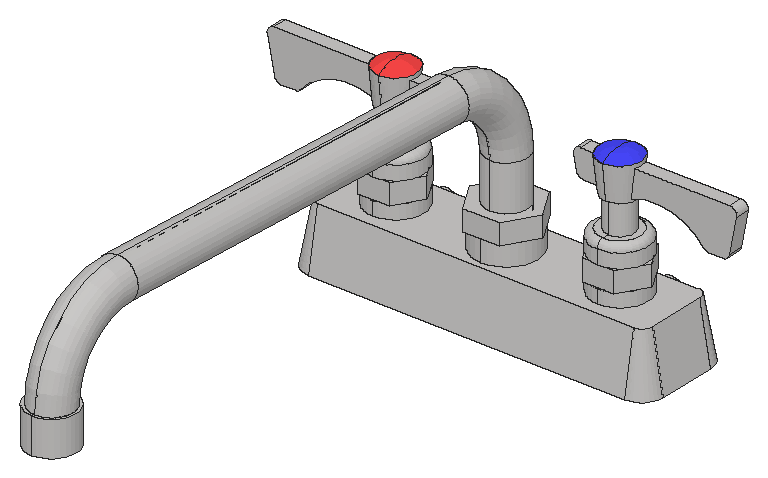
Revit family "Krowne_15-310L_DeckMount_Faucet", category Plumbing Fixtures, Revit 2018
Family settings
  Round Connector Dimension = Use Diameter
  Part Type = Normal
  OmniClass Number = 23.40.40.00
  OmniClass Title = Food Service Equipment and Furnishings
  Work Plane-Based = No
  Always vertical = Yes
  Cut with Voids When Loaded = No
  Shared = No
  Room Calculation Point = No
Parameters (values of type "DefaultType")
  Width = 8 3/8"
  Weight in Pounds = 5
  Watermarked By = ""
  Waste Water Discharge Temperature [instance] = -459.67 °F
  URL Cutsheet = ""
  URL = "https://krowne.com/"
  Status [instance] = ""
  Specification by User [instance] = ""
  Specification by Manufacturer [instance] = ""
  Serial Number [instance] = ""
  Revision Code [instance] = ""
  Plumbing Remarks [instance] = ""
  Plumbing Connection Type = ""
  NAFEM Spec ID Number [instance] = ""
  Model = "15-310L"
  Masterspec [instance] = ""
  Manufacturer = "Krowne Metal"
  KCLRef = "KCL2C9,,0004c582-0000-0000-0000-000000000307,KR,15-310L ,637100823320000000,2868b019-d5fe-446f-be4d-a177d9768bbf,b2815e67-8957-45ca-828b-aa86735d4ccf"
  KCL SpecSheet URL = "http://kclweb.kclcad.com/imagehandler.ashx?kdoc=15-3xxl&R=KR&M=15-310L%20&VC=7&TID=KCLWeb&T=doc"
  Item Number [instance] = "-"
  Installed By [instance] = ""
  Hot Water Temperature = 100 °F
  Hot Water Size = 1/2"
  Hot Water RI Height [instance] = 0"
  Hot Water Minimum Pressure = 0.00 psi
  Hot Water Maximum Pressure = 0.00 psi
  Hot Water Flow = 1.8 GPM
  Hot Water Consumption = 0 GPM
  Hot Water Connection Height = 0"
  Height = 3 3/8"
  Furnished By [instance] = ""
  Foodservice Equipment Identifier = yes
  Description = "Deck Mount Faucet"
  Depth = 1 7/8"
  Cold Water Temperature Recommended = -459.67 °F
  Cold Water Size = 1/2"
  Cold Water RI Height [instance] = 0"
  Cold Water Minimum Pressure = 0.00 psi
  Cold Water Maximum Pressure = 0.00 psi
  Cold Water Flow = 1.8 GPM
  Cold Water Consumption = ""
  Cold Water Connection Height = 0"
  CSI MasterFormat = ""
  Assembly Code = "E1090300"
Reference planes (in)
  plane 1 "BACK": y = 0
  plane 2: z = 0
  plane 3 "LEFT": x = -16.75323
  plane 4 "RIGHT": x = -8.37823
  plane 5 "FRONT": y = -1.875
  plane 6 "TOP": z = 3.375
  plane 7 "CENTER L/R": x = -12.56573
  plane 8 "Top of Body": z = 1.0625
  plane 9: y = -0.9375
  plane 10: z = 2.375
  plane 11: y = -11.0625
  plane 12: z = 4.75
Forms (in)
  Sweep 1, solid, material "QF_Stainless-Polished"
    path origin (-12.56573, 0, 0) x (0, 1, 0) y (0, 0, 1)
      loop
        line (-0.9375, 1.0625) -> (-0.9375, 2.61845)
        arc (-0.9375, 2.61845) -> (-1.31585, 3.56571) -> (-2.24267, 3.99167) r 1.375
        line (-2.24267, 3.99167) -> (-9.61767, 4.36667)
        arc (-9.61767, 4.36667) -> (-10.63476, 3.9901) -> (-11.0625, 2.99345) r 1.375
        line (-11.0625, 2.99345) -> (-11.0625, 2.375)
    profile origin (-12.56573, -0.9375, 1.84047) x (0, -1, 0) y (1, 0, 0)
      loop
        circle (0, 0) r 0.375
      loop
        circle (0, 0) r 0.25
  Extrusion 2, solid, material "QF_Stainless-Polished"
    sketch origin (0, 0, 1.0625) x (0, 1, 0) y (-1, 0, 0)
      loop
        circle (-0.9375, 12.56573) r 0.375
      loop
        circle (-0.9375, 12.56573) r 0.4375
    from 0 to 0.625
  Extrusion 3, solid, material "QF_Stainless-Polished"
    sketch origin (0, 0, 1.0625) x (0, 1, 0) y (-1, 0, 0)
      loop
        circle (-0.9375, 12.56573) r 0.5625
      loop
        circle (-0.9375, 12.56573) r 0.375
    from 0 to 0.375
  Extrusion 4, solid, material "QF_Stainless-Polished"
    sketch origin (0, 0, 1.4375) x (0, 1, 0) y (-1, 0, 0)
      loop
        line (-0.9375, 11.91391) -> (-0.37301, 12.23982) -> (-0.37301, 12.89163) -> (-0.9375, 13.21754) -> (-1.50199, 12.89163) -> (-1.50199, 12.23982) -> (-0.9375, 11.91391)
      loop
        circle (-0.9375, 12.56573) r 0.375
    from 0 to 0.375
  Extrusion 5, solid, material "QF_Stainless-Polished"
    sketch origin (-12.56573, -11.0625, 2.375) x (0, -1, 0) y (-1, 0, 0)
      loop
        circle (0, 0) r 0.375
      loop
        circle (0, 0) r 0.4375
    from 0 to -0.625
Lines and regions (in)
  symbolic lines
    curve 1: line (-12.23982, -0.37301, 0) -> (-12.89163, -0.37301, 0)
    curve 2: line (-12.89163, -0.37301, 0) -> (-13.21754, -0.9375, 0)
    curve 3: line (-13.21754, -0.9375, 0) -> (-12.94073, -1.41696, 0)
    curve 4: line (-12.19073, -1.41696, 0) -> (-11.91391, -0.9375, 0)
    curve 5: line (-11.91391, -0.9375, 0) -> (-12.23982, -0.37301, 0)
    curve 6: arc (-12.56573, -1.3125, 0) -> (-12.94073, -0.9375, 0) -> (-12.56573, -0.5625, 0) r 0.375
    curve 7: arc (-12.56573, -0.5625, 0) -> (-12.19073, -0.9375, 0) -> (-12.56573, -1.3125, 0) r 0.375
    curve 8: arc (-12.94073, -11.0625, 0) -> (-12.83089, -11.32767, 0) -> (-12.56573, -11.4375, 0) r 0.375
    curve 9: arc (-12.56573, -11.4375, 0) -> (-12.30056, -11.32767, 0) -> (-12.19073, -11.0625, 0) r 0.375
    curve 10: line (-12.94073, -11.0625, 0) -> (-12.94073, -0.9375, 0)
    curve 11: line (-12.19073, -0.9375, 0) -> (-12.19073, -11.0625, 0)
Dimensions and locks (in)
  "Width": plane 3 "LEFT" to plane 4 "RIGHT"
  "Depth": plane 5 "FRONT" to plane 1 "BACK"
  "Height": plane 6 "TOP" to plane 2
  plane 8 "Top of Body" to level = 1 1/16"
  equal spacing: plane 5 "FRONT", plane 9, plane 1 "BACK"
  equal spacing: plane 3 "LEFT", plane 7 "CENTER L/R", plane 4 "RIGHT"
  plane 10 to plane 8 "Top of Body" = 1 5/16"
  plane 11 to plane 1 "BACK" = 11 1/16"
  plane 12 to plane 8 "Top of Body" = 3 11/16"
  aligned and locked: level to plane 2
  aligned and locked: plane 9 to Sweep 1 sketch curve
  aligned and locked: Sweep 1 sketch curve to plane 11
  aligned and locked: plane 10 to Sweep 1 sketch curve
Automatic sketch dimensions
  Sweep 1 sketch curve to Sweep 1 sketch curve = 0"  (x2)
  Sweep 1 sketch curve to plane 7 "CENTER L/R" = 0"
  Sweep 1 sketch curve to profile plane = 0"
  Extrusion 2 sketch curve to Extrusion 2 sketch curve = 0"  (x2)
  Extrusion 2 sketch curve to plane 7 "CENTER L/R" = 0"
  plane 9 to Extrusion 2 sketch curve = 0"
  Extrusion 4 sketch curve to Extrusion 4 sketch curve = 0"  (x2)
  Extrusion 4 sketch curve to Extrusion 4 sketch curve = 0.56449"  (x2)
  Extrusion 4 sketch curve to Extrusion 4 sketch curve = 0.32591"  (x5)
  Extrusion 4 sketch curve to Extrusion 4 sketch curve = 0.65182"
  curve 8 to curve 9 = 0"
  plane 9 to curve 2 = 0"
  plane 11 to curve 10 = 0"
  plane 9 to curve 10 = 0"
  curve 6 to plane 7 "CENTER L/R" = 0"
  plane 9 to curve 11 = 0"
  plane 9 to curve 4 = 0"
  plane 9 to curve 6 = 0"
  curve 1 to plane 7 "CENTER L/R" = 0.32591"
  curve 10 to curve 8 = 3/8"
  curve 3 to curve 10 = 0.27682"
  plane 7 "CENTER L/R" to curve 5 = 0.32591"
  curve 11 to curve 4 = 0.27682"
  plane 1 "BACK" to curve 1 = 0.37301"
  curve 3 to curve 6 = 0.10446"
  curve 4 to curve 6 = 0.10446"
  Extrusion 3 sketch curve to Extrusion 3 sketch curve = 0"  (x2)
  Extrusion 3 sketch curve to plane 7 "CENTER L/R" = 0"
  plane 9 to Extrusion 3 sketch curve = 0"
  Sweep 1 sketch curve to plane 8 "Top of Body" = 0"
  Sweep 1 sketch curve to plane 6 "TOP" = 0.38155"
  Sweep 1 sketch curve to plane 12 = 0.38333"
  Sweep 1 sketch curve to Sweep 1 sketch curve = 0.06983"
  plane 5 "FRONT" to Sweep 1 sketch curve = 7/16"
  plane 5 "FRONT" to Sweep 1 sketch curve = 0.36767"
  plane 10 to Sweep 1 sketch curve = 0.24345"
  radius of Sweep 1 sketch curve = 3/8"
  radius of Sweep 1 sketch curve = 1/4"
  radius of Extrusion 2 sketch curve = 3/8"
  radius of Extrusion 2 sketch curve = 7/16"
  radius of Extrusion 4 sketch curve to Extrusion 3 = 0"
  radius of Extrusion 5 sketch curve to Sweep 1 = 0"
  radius of Sweep 1 to Extrusion 5 sketch curve = 1/16"
  radius of Extrusion 3 sketch curve = 9/16"
  radius of Extrusion 3 sketch curve = 3/8"
Nested families (in)
  nested 1: "QF_Krowne_15-3_Body" at (-0.1875, 0, 0), type "QF_Krowne_15-3_Body"
Connectors (in)
  piping at (-14.56573, 0.25, 0.53125), diameter 0.5, driven by "Hot Water Flow", driven by "Hot Water Size"
    settings: on nested 1, index 1, connector inside diameter 24", connector length 0", flow factor 0, pipe flow 1.8 GPM, pressure drop 0.00 psi, fitting loss kfactor 0, connector angle 0.00°, fixture units 0, engagement length 0", angle of deflection 0.00°, flow configuration 1, flow direction 1, fitting loss method 0, system type 19, joint type 0, gender type 0, connector reference index -1, connector utility 0, adjustable connector no, is connector primary yes, connector description "HOT WATER"
  piping at (-10.56573, 0.25, 0.53125), diameter 0.5, driven by "Cold Water Flow", driven by "Cold Water Size"
    settings: on nested 1, index 2, connector inside diameter 24", connector length 0", flow factor 0, pipe flow 1.8 GPM, pressure drop 0.00 psi, fitting loss kfactor 0, connector angle 0.00°, fixture units 0, engagement length 0", angle of deflection 0.00°, flow configuration 1, flow direction 1, fitting loss method 0, system type 20, joint type 0, gender type 0, connector reference index -1, connector utility 0, adjustable connector no, is connector primary no, connector description "COLD WATER"
Definition of nested family "QF_Krowne_15-3_Body"
  Parameters (values of type "QF_Krowne_15-3_Body")
    Width = 8 5/16"
    Watermarked By = ""
    Height = 3 7/8"
    Description = ""
    Depth = 1 13/16"
  Reference planes (in)
    plane 1 "BACK": y = 0
    plane 2: z = 0
    plane 3 "LEFT": x = -16.53448
    plane 4 "RIGHT": x = -8.22198
    plane 5 "TOP": z = 3.1875
    plane 6 "Center": x = -12.37823
    plane 7 "Left of Handle": x = -14.37823
    plane 8 "Right of Handle": x = -10.37823
    plane 9 "Top of Body": z = 1.0625
    plane 10 "FRONT": y = -1.8125
    plane 11: x = -15.56573
    plane 12: x = -9.19073
    plane 13 "Faucet Handle Center": y = -0.90625
    plane 14: y = -0.78125
    plane 15: y = -1.03125
    plane 16: z = 0.53125
    plane 17: z = 3.375
  Forms (in)
    Blend 1, solid
      base sketch origin (0, 0, 0) x (1, 0, 0) y (0, 1, 0)
        loop
          line (-15.19073, -1.8125) -> (-9.56573, -1.8125)
          arc (-9.56573, -1.8125) -> (-9.30056, -1.70267) -> (-9.19073, -1.4375) r 0.375
          line (-9.19073, -1.4375) -> (-9.19073, -0.375)
          arc (-9.19073, -0.375) -> (-9.30056, -0.10983) -> (-9.56573, 0) r 0.375
          line (-9.56573, 0) -> (-15.19073, 0)
          arc (-15.19073, 0) -> (-15.45589, -0.10983) -> (-15.56573, -0.375) r 0.375
          line (-15.56573, -0.375) -> (-15.56573, -1.4375)
          arc (-15.56573, -1.4375) -> (-15.45589, -1.70267) -> (-15.19073, -1.8125) r 0.375
      top sketch origin (0, 0, 0) x (1, 0, 0) y (0, 1, 0)
        loop
          arc (-15.37823, -1.4375) -> (-15.32331, -1.57008) -> (-15.19073, -1.625) r 0.1875
          line (-15.19073, -1.625) -> (-9.56573, -1.625)
          arc (-9.56573, -1.625) -> (-9.43314, -1.57008) -> (-9.37823, -1.4375) r 0.1875
          line (-9.37823, -1.4375) -> (-9.37823, -0.375)
          arc (-9.37823, -0.375) -> (-9.43314, -0.24242) -> (-9.56573, -0.1875) r 0.1875
          line (-9.56573, -0.1875) -> (-15.19073, -0.1875)
          arc (-15.19073, -0.1875) -> (-15.32331, -0.24242) -> (-15.37823, -0.375) r 0.1875
          line (-15.37823, -0.375) -> (-15.37823, -1.4375)
      from 0 to 1.0625
    Extrusion 2, solid
      sketch origin (0, 0, 1.0625) x (0, 1, 0) y (-1, 0, 0)
        loop
          circle (-0.90625, 14.37823) r 0.5
        loop
          circle (-0.90625, 10.37823) r 0.5
      from 0 to 0.25
    Extrusion 3, solid
      sketch origin (0, 0, 1.3125) x (0, 1, 0) y (-1, 0, 0)
        loop
          line (-0.90625, 13.81573) -> (-0.41911, 14.09698) -> (-0.41911, 14.65948) -> (-0.90625, 14.94073) -> (-1.39339, 14.65948) -> (-1.39339, 14.09698) -> (-0.90625, 13.81573)
        loop
          line (-0.90625, 9.81573) -> (-0.41911, 10.09698) -> (-0.41911, 10.65948) -> (-0.90625, 10.94073) -> (-1.39339, 10.65948) -> (-1.39339, 10.09698) -> (-0.90625, 9.81573)
      from 0 to 0.375
    Revolve 4, solid
      sketch origin (-14.37823, 0, 0) x (0, 1, 0) y (0, 0, 1)
        loop
          line (-0.90625, 1.6875) -> (-0.40625, 1.6875) -> (-0.40625, 1.9375)
          arc (-0.40625, 1.9375) -> (-0.44286, 2.02589) -> (-0.53125, 2.0625) r 0.125
          line (-0.53125, 2.0625) -> (-0.90625, 2.0625) -> (-0.90625, 1.6875)
        axis (-0.90625, 1.6875) -> (-0.90625, 2.0625)
      angle from 0 to 360
    Revolve 5, solid
      sketch origin (-10.37823, 0, 0) x (0, 1, 0) y (0, 0, 1)
        loop
          line (-0.90625, 1.6875) -> (-0.40625, 1.6875) -> (-0.40625, 1.9375)
          arc (-0.40625, 1.9375) -> (-0.44286, 2.02589) -> (-0.53125, 2.0625) r 0.125
          line (-0.53125, 2.0625) -> (-0.90625, 2.0625) -> (-0.90625, 1.6875)
        axis (-0.90625, 1.6875) -> (-0.90625, 2.0625)
      angle from 0 to 360
    Revolve 6, solid
      sketch origin (-10.37823, 0, 0) x (0, 1, 0) y (0, 0, 1)
        loop
          line (-0.90625, 2.0625) -> (-0.65625, 2.0625) -> (-0.65625, 2.625) -> (-0.90625, 2.625) -> (-0.90625, 2.0625)
        axis (-0.90625, 2.0625) -> (-0.90625, 2.625)
      angle from 0 to 360
    Revolve 7, solid
      sketch origin (-14.37823, 0, 0) x (0, 1, 0) y (0, 0, 1)
        loop
          line (-0.90625, 2.0625) -> (-0.65625, 2.0625) -> (-0.65625, 2.625) -> (-0.90625, 2.625) -> (-0.90625, 2.0625)
        axis (-0.90625, 2.0625) -> (-0.90625, 2.625)
      angle from 0 to 360
    Revolve 8, solid
      sketch origin (-14.37823, 0, 0) x (0, 1, 0) y (0, 0, 1)
        loop
          line (-0.90625, 2.625) -> (-0.59375, 2.625) -> (-0.53125, 3.25) -> (-0.90625, 3.25) -> (-0.90625, 2.625)
        axis (-0.90625, 2.625) -> (-0.90625, 3.25)
      angle from 0 to 360
    Revolve 9, solid
      sketch origin (-10.37823, 0, 0) x (0, 1, 0) y (0, 0, 1)
        loop
          line (-0.90625, 2.625) -> (-0.59375, 2.625) -> (-0.53125, 3.25) -> (-0.90625, 3.25) -> (-0.90625, 2.625)
        axis (-0.90625, 2.625) -> (-0.90625, 3.25)
      angle from 0 to 360
    Revolve 10, solid
      sketch origin (-14.37823, 0, 0) x (0, 1, 0) y (0, 0, 1)
        loop
          line (-0.90625, 3.25) -> (-0.53125, 3.25)
          arc (-0.53125, 3.25) -> (-0.70704, 3.34763) -> (-0.90625, 3.375) r 0.54601
          line (-0.90625, 3.375) -> (-0.90625, 3.25)
        axis (-0.90625, 3.25) -> (-0.90625, 3.375)
      angle from 0 to 360
    Revolve 11, solid
      sketch origin (-10.37823, 0, 0) x (0, 1, 0) y (0, 0, 1)
        loop
          line (-0.90625, 3.25) -> (-0.53125, 3.25)
          arc (-0.53125, 3.25) -> (-0.70704, 3.34763) -> (-0.90625, 3.375) r 0.54601
          line (-0.90625, 3.375) -> (-0.90625, 3.25)
        axis (-0.90625, 3.25) -> (-0.90625, 3.375)
      angle from 0 to 360
    Extrusion 12, solid
      sketch origin (0, 0, 0) x (1, 0, 0) y (0, 0, 1)
        loop
          circle (-14.37823, 0.53125) r 0.25
        loop
          circle (-10.37823, 0.53125) r 0.25
      from 0.21074 to -0.25
    Extrusion 13, solid
      sketch origin (0, -0.90625, 0) x (1, 0, 0) y (0, 0, 1)
        loop
          arc (-16.43825, 3.1875) -> (-16.53492, 3.14175) -> (-16.56082, 3.03799) r 0.125
          line (-16.56082, 3.03799) -> (-16.43584, 2.41303)
          arc (-16.43584, 2.41303) -> (-16.39251, 2.34087) -> (-16.31326, 2.31254) r 0.125
          line (-16.31326, 2.31254) -> (-16.06338, 2.31254)
          arc (-16.06338, 2.31254) -> (-16.01059, 2.32423) -> (-15.96768, 2.35712) r 0.125
          arc (-15.96768, 2.35712) -> (-15.39497, 2.72229) -> (-14.7163, 2.69449) r 1.13354
          arc (-14.7163, 2.69449) -> (-14.69547, 2.68898) -> (-14.674, 2.68712) r 0.125
          line (-14.674, 2.68712) -> (-13.83077, 2.68712)
          arc (-13.83077, 2.68712) -> (-13.75152, 2.71545) -> (-13.7082, 2.78761) r 0.125
          line (-13.7082, 2.78761) -> (-13.65813, 3.03799)
          arc (-13.65813, 3.03799) -> (-13.68403, 3.14175) -> (-13.7807, 3.1875) r 0.125
          line (-13.7807, 3.1875) -> (-16.43825, 3.1875)
        loop
          line (-8.3182, 3.1875) -> (-10.97575, 3.1875)
          arc (-10.97575, 3.1875) -> (-11.07242, 3.14175) -> (-11.09832, 3.03799) r 0.125
          line (-11.09832, 3.03799) -> (-11.04825, 2.78761)
          arc (-11.04825, 2.78761) -> (-11.00493, 2.71545) -> (-10.92568, 2.68712) r 0.125
          line (-10.92568, 2.68712) -> (-10.08245, 2.68712)
          arc (-10.08245, 2.68712) -> (-10.06098, 2.68898) -> (-10.04015, 2.69449) r 0.125
          arc (-10.04015, 2.69449) -> (-9.36148, 2.72229) -> (-8.78877, 2.35712) r 1.13354
          arc (-8.78877, 2.35712) -> (-8.74586, 2.32423) -> (-8.69307, 2.31254) r 0.125
          line (-8.69307, 2.31254) -> (-8.44319, 2.31254)
          arc (-8.44319, 2.31254) -> (-8.36394, 2.34087) -> (-8.32061, 2.41303) r 0.125
          line (-8.32061, 2.41303) -> (-8.19563, 3.03799)
          arc (-8.19563, 3.03799) -> (-8.22153, 3.14175) -> (-8.3182, 3.1875) r 0.125
      from -0.125 to 0.125
  Lines and regions (in)
    symbolic lines
      curve 1: line (-16.56082, -0.78125, 1.0625) -> (-13.6557, -0.78125, 1.0625)
      curve 2: line (-16.56082, -1.03125, 1.0625) -> (-16.56082, -0.78125, 1.0625)
      curve 3: line (-13.6557, -1.03125, 1.0625) -> (-16.56082, -1.03125, 1.0625)
      curve 4: line (-13.6557, -0.78125, 1.0625) -> (-13.6557, -1.03125, 1.0625)
      curve 5: line (-8.22198, -0.78125, 1.0625) -> (-11.10075, -0.78125, 1.0625)
      curve 6: line (-8.22198, -1.03125, 1.0625) -> (-8.22198, -0.78125, 1.0625)
      curve 7: line (-11.10075, -1.03125, 1.0625) -> (-8.22198, -1.03125, 1.0625)
      curve 8: line (-11.10075, -0.78125, 1.0625) -> (-11.10075, -1.03125, 1.0625)
      curve 9: line (-9.56573, 0, 1.0625) -> (-15.19073, 0, 1.0625)
      curve 10: line (-9.19073, -1.4375, 1.0625) -> (-9.19073, -1.03125, 1.0625)
      curve 11: line (-15.19073, -1.8125, 1.0625) -> (-9.56573, -1.8125, 1.0625)
      curve 12: line (-15.56573, -0.375, 1.0625) -> (-15.56573, -0.78125, 1.0625)
      curve 13: line (-15.56573, -1.03125, 1.0625) -> (-15.56573, -1.4375, 1.0625)
      curve 14: line (-9.19073, -0.78125, 1.0625) -> (-9.19073, -0.375, 1.0625)
      curve 15: line (-14.65948, -0.41911, 1.0625) -> (-14.86856, -0.78125, 1.0625)
      curve 16: line (-14.65948, -0.41911, 1.0625) -> (-14.09698, -0.41911, 1.0625)
      curve 17: line (-14.09698, -0.41911, 1.0625) -> (-13.88789, -0.78125, 1.0625)
      curve 18: line (-14.09698, -1.39339, 1.0625) -> (-14.65948, -1.39339, 1.0625)
      curve 19: line (-14.65948, -1.39339, 1.0625) -> (-14.86856, -1.03125, 1.0625)
      curve 20: line (-14.09698, -1.39339, 1.0625) -> (-13.88789, -1.03125, 1.0625)
      curve 21: line (-10.65948, -0.41911, 1.0625) -> (-10.09698, -0.41911, 1.0625)
      curve 22: line (-10.09698, -0.41911, 1.0625) -> (-9.88789, -0.78125, 1.0625)
      curve 23: line (-10.65948, -0.41911, 1.0625) -> (-10.86856, -0.78125, 1.0625)
      curve 24: line (-10.09698, -1.39339, 1.0625) -> (-10.65948, -1.39339, 1.0625)
      curve 25: line (-10.65948, -1.39339, 1.0625) -> (-10.86856, -1.03125, 1.0625)
      curve 26: line (-10.09698, -1.39339, 1.0625) -> (-9.88789, -1.03125, 1.0625)
      curve 27: arc (-15.56573, -0.375, 1.0625) -> (-15.45589, -0.10983, 1.0625) -> (-15.19073, 0, 1.0625) r 0.375
      curve 28: arc (-9.19073, -0.375, 1.0625) -> (-9.30056, -0.10983, 1.0625) -> (-9.56573, 0, 1.0625) r 0.375
      curve 29: arc (-9.19073, -1.4375, 1.0625) -> (-9.30056, -1.70267, 1.0625) -> (-9.56573, -1.8125, 1.0625) r 0.375
      curve 30: arc (-15.19073, -1.8125, 1.0625) -> (-15.45589, -1.70267, 1.0625) -> (-15.56573, -1.4375, 1.0625) r 0.375
      curve 31: line (-9.56573, -0.1875, 1.0625) -> (-15.19073, -0.1875, 1.0625)
      curve 32: arc (-15.19073, -0.1875, 1.0625) -> (-15.32331, -0.24242, 1.0625) -> (-15.37823, -0.375, 1.0625) r 0.1875
      curve 33: arc (-15.37823, -1.4375, 1.0625) -> (-15.32331, -1.57008, 1.0625) -> (-15.19073, -1.625, 1.0625) r 0.1875
      curve 34: line (-15.19073, -1.625, 1.0625) -> (-9.56573, -1.625, 1.0625)
      curve 35: arc (-9.56573, -1.625, 1.0625) -> (-9.43314, -1.57008, 1.0625) -> (-9.37823, -1.4375, 1.0625) r 0.1875
      curve 36: arc (-9.37823, -0.375, 1.0625) -> (-9.43314, -0.24242, 1.0625) -> (-9.56573, -0.1875, 1.0625) r 0.1875
      curve 37: line (-9.37823, -0.375, 1.0625) -> (-9.37823, -0.78125, 1.0625)
      curve 38: line (-9.37823, -1.4375, 1.0625) -> (-9.37823, -1.03125, 1.0625)
      curve 39: line (-15.37823, -1.4375, 1.0625) -> (-15.37823, -1.03125, 1.0625)
      curve 40: line (-15.37823, -0.375, 1.0625) -> (-15.37823, -0.78125, 1.0625)
  Dimensions and locks (in)
    "Width": plane 3 "LEFT" to plane 4 "RIGHT"
    equal spacing: plane 3 "LEFT", plane 6 "Center", plane 4 "RIGHT"
    equal spacing: plane 7 "Left of Handle", plane 6 "Center", plane 8 "Right of Handle"
    plane 9 "Top of Body" to level = 1 1/16"
    equal spacing: plane 10 "FRONT", plane 13 "Faucet Handle Center", plane 1 "BACK"
    equal spacing: plane 15, plane 13 "Faucet Handle Center", plane 14
    locked: plane 15 to plane 14 at 0.25
    equal spacing: plane 9 "Top of Body", plane 16, level
    plane 7 "Left of Handle" to plane 8 "Right of Handle" = 4"
    "Depth": plane 10 "FRONT" to plane 1 "BACK"
    plane 6 "Center" to plane 12 = 3 3/16"
    plane 11 to plane 6 "Center" = 3 3/16"
    plane 5 "TOP" to level = 3 3/16"
    plane 17 to level = 3 3/8"
    aligned and locked: level to plane 2
    aligned and locked: plane 9 "Top of Body" to Blend 1
    aligned and locked: Extrusion 3 to Revolve 5 sketch curve
    aligned and locked: Revolve 8 sketch curve to Revolve 8 sketch curve
    aligned and locked: Revolve 9 sketch curve to Revolve 9 sketch curve
    aligned and locked: plane 4 "RIGHT" to curve 6
    aligned and locked: curve 12 to plane 11
    aligned and locked: Extrusion 13 sketch curve to plane 5 "TOP"
    aligned and locked: plane 5 "TOP" to Extrusion 13 sketch curve
    aligned and locked: Extrusion 13 to plane 14
    aligned and locked: plane 15 to Extrusion 13
    aligned and locked: plane 10 "FRONT" to Blend 1 sketch curve
    aligned and locked: Blend 1 sketch curve to plane 11
    aligned and locked: plane 10 "FRONT" to curve 11
    aligned and locked: plane 13 "Faucet Handle Center" to Revolve 5 sketch curve
  Automatic sketch dimensions
    Extrusion 2 sketch curve to plane 8 "Right of Handle" = 0"
    plane 13 "Faucet Handle Center" to Extrusion 2 sketch curve = 0"  (x2)
    Extrusion 2 sketch curve to plane 7 "Left of Handle" = 0"
    Revolve 4 sketch curve to plane 13 "Faucet Handle Center" = 0"  (x2)
    Revolve 4 sketch curve to Revolve 4 sketch curve = 3/8"
    Revolve 4 sketch curve to Revolve 4 sketch curve = 1/8"
    plane 9 "Top of Body" to Revolve 4 sketch curve = 5/8"
    Revolve 4 sketch curve to Revolve 4 sketch curve = 1/4"
    Revolve 4 sketch curve to Revolve 4 sketch curve = 0"  (x2)
    Revolve 5 sketch curve to plane 13 "Faucet Handle Center" = 0"
    Revolve 5 sketch curve to Revolve 5 sketch curve = 3/8"
    Revolve 5 sketch curve to Revolve 5 sketch curve = 1/8"
    Revolve 5 sketch curve to Revolve 5 sketch curve = 0"  (x2)
    Revolve 5 sketch curve to Revolve 5 sketch curve = 1/4"
    Revolve 6 sketch curve to plane 13 "Faucet Handle Center" = 0"  (x2)
    Revolve 6 sketch curve to plane 13 "Faucet Handle Center" = 1/4"
    plane 9 "Top of Body" to Revolve 6 sketch curve = 1"
    Revolve 6 sketch curve to Revolve 6 sketch curve = 9/16"
    Revolve 6 sketch curve to Revolve 6 sketch curve = 3/8"
    Revolve 6 sketch curve to Revolve 6 sketch curve = 0"
    Revolve 7 sketch curve to plane 13 "Faucet Handle Center" = 0"  (x2)
    Revolve 7 sketch curve to Revolve 7 sketch curve = 1/4"
    plane 9 "Top of Body" to Revolve 7 sketch curve = 1"
    Revolve 7 sketch curve to Revolve 7 sketch curve = 9/16"
    Revolve 7 sketch curve to Revolve 7 sketch curve = 3/8"
    Revolve 7 sketch curve to Revolve 7 sketch curve = 0"
    Revolve 8 sketch curve to plane 13 "Faucet Handle Center" = 0"
    Revolve 8 sketch curve to Revolve 8 sketch curve = 5/16"
    plane 5 "TOP" to Revolve 8 sketch curve = 1/16"
    Revolve 8 sketch curve to Revolve 8 sketch curve = 3/8"
    Revolve 8 sketch curve to plane 5 "TOP" = 9/16"
    Revolve 8 sketch curve to Revolve 8 sketch curve = 0"  (x2)
    Revolve 9 sketch curve to plane 13 "Faucet Handle Center" = 0"
    Revolve 9 sketch curve to plane 13 "Faucet Handle Center" = 5/16"
    plane 5 "TOP" to Revolve 9 sketch curve = 1/16"
    Revolve 9 sketch curve to plane 13 "Faucet Handle Center" = 3/8"
    Revolve 9 sketch curve to plane 5 "TOP" = 9/16"
    Revolve 9 sketch curve to Revolve 9 sketch curve = 0"  (x2)
    Revolve 10 sketch curve to plane 13 "Faucet Handle Center" = 0"  (x2)
    Revolve 10 sketch curve to plane 13 "Faucet Handle Center" = 0.02655"
    plane 5 "TOP" to Revolve 10 sketch curve = 1/16"
    Revolve 10 sketch curve to Revolve 10 sketch curve = 3/8"
    Revolve 10 sketch curve to plane 5 "TOP" = 0.35786"
    Revolve 10 sketch curve to Revolve 10 sketch curve = 0"  (x2)
    Revolve 11 sketch curve to plane 13 "Faucet Handle Center" = 0"  (x2)
    Revolve 11 sketch curve to plane 13 "Faucet Handle Center" = 0.02655"
    plane 5 "TOP" to Revolve 11 sketch curve = 1/16"
    Revolve 11 sketch curve to Revolve 11 sketch curve = 3/8"
    Revolve 11 sketch curve to plane 5 "TOP" = 0.35786"
    Revolve 11 sketch curve to Revolve 11 sketch curve = 0"  (x2)
    Extrusion 12 sketch curve to plane 7 "Left of Handle" = 0"
    Extrusion 12 sketch curve to plane 8 "Right of Handle" = 0"
    Extrusion 12 sketch curve to plane 16 = 0"  (x2)
    Extrusion 13 sketch curve to plane 7 "Left of Handle" = 0.29578"
    plane 11 to Extrusion 13 sketch curve = 0.46583"
    plane 3 "LEFT" to Extrusion 13 sketch curve = 0.4711"
    plane 3 "LEFT" to Extrusion 13 sketch curve = 0.22121"
    plane 3 "LEFT" to Extrusion 13 sketch curve = 0.09864"
    plane 3 "LEFT" to Extrusion 13 sketch curve = 0.09623"
    Extrusion 13 sketch curve to plane 3 "LEFT" = 0.02635"
    plane 7 "Left of Handle" to Extrusion 13 sketch curve = 0.54745"
    Extrusion 13 sketch curve to plane 5 "TOP" = 1/8"  (x2)
    Extrusion 13 sketch curve to Extrusion 13 sketch curve = 0.05007"  (x2)
    Extrusion 13 sketch curve to plane 5 "TOP" = 0.39989"
    Extrusion 13 sketch curve to Extrusion 13 sketch curve = 0.12257"  (x2)
    Extrusion 13 sketch curve to plane 5 "TOP" = 0.14951"  (x4)
    Extrusion 13 sketch curve to plane 8 "Right of Handle" = 0.7201"
    plane 8 "Right of Handle" to Extrusion 13 sketch curve = 0.29578"
    Extrusion 13 sketch curve to plane 12 = 0.46583"
    Extrusion 13 sketch curve to plane 4 "RIGHT" = 0.4711"
    Extrusion 13 sketch curve to plane 4 "RIGHT" = 0.22121"
    Extrusion 13 sketch curve to plane 4 "RIGHT" = 0.09864"
    Extrusion 13 sketch curve to plane 4 "RIGHT" = 0.09623"
    plane 4 "RIGHT" to Extrusion 13 sketch curve = 0.02635"
    Extrusion 13 sketch curve to Extrusion 13 sketch curve = 0.25038"
    Extrusion 13 sketch curve to Extrusion 13 sketch curve = 0.10049"  (x2)
    Extrusion 13 sketch curve to plane 5 "TOP" = 0.74996"  (x2)
    Extrusion 13 sketch curve to Extrusion 13 sketch curve = 0"  (x4)
    Extrusion 13 sketch curve to Extrusion 13 sketch curve = 0.02451"  (x2)
    plane 9 "Top of Body" to Extrusion 13 sketch curve = 0.56533"  (x2)
    Extrusion 13 sketch curve to Extrusion 13 sketch curve = 1/8"  (x2)
    plane 11 to Blend 1 sketch curve = 3/8"
    Blend 1 sketch curve to Blend 1 sketch curve = 3/8"
    plane 1 "BACK" to Blend 1 sketch curve = 3/8"  (x2)
    Blend 1 sketch curve to plane 12 = 3/8"
    Blend 1 sketch curve to plane 12 = 3/16"
    Blend 1 sketch curve to Blend 1 sketch curve = 3/16"  (x4)
    plane 11 to Blend 1 sketch curve = 3/16"
    Blend 1 sketch curve to plane 10 "FRONT" = 3/8"
    plane 1 "BACK" to Blend 1 sketch curve = 0"
    Blend 1 sketch curve to plane 12 = 0"
    curve 27 to curve 32 = 0"  (x2)
    curve 28 to curve 36 = 0"  (x2)
    curve 29 to curve 35 = 0"  (x2)
    curve 30 to curve 33 = 0"  (x2)
    curve 30 to plane 11 = 0"
    curve 29 to plane 12 = 0"
    plane 15 to curve 4 = 0"
    plane 15 to curve 26 = 0"
    plane 14 to curve 40 = 0"
    plane 14 to curve 23 = 0"
    curve 14 to plane 12 = 0"
    plane 1 "BACK" to curve 9 = 0"
    curve 34 to plane 10 "FRONT" = 3/16"
    curve 33 to curve 33 = 3/16"
    curve 34 to curve 35 = 3/16"
    plane 15 to curve 26 = 0.36214"
    plane 15 to curve 20 = 0.36214"
    curve 17 to plane 14 = 0.36214"
    curve 23 to plane 14 = 0.36214"
    curve 27 to curve 27 = 3/8"
    plane 1 "BACK" to curve 14 = 3/8"
    curve 31 to curve 28 = 3/16"
    plane 8 "Right of Handle" to curve 22 = 9/32"
    plane 8 "Right of Handle" to curve 24 = 9/32"
    curve 24 to plane 8 "Right of Handle" = 9/32"
    curve 21 to plane 8 "Right of Handle" = 9/32"
    curve 21 to curve 8 = 0.44128"
    plane 7 "Left of Handle" to curve 4 = 0.72253"
    plane 7 "Left of Handle" to curve 20 = 9/32"
    plane 7 "Left of Handle" to curve 17 = 9/32"
    curve 19 to plane 7 "Left of Handle" = 9/32"
    curve 16 to plane 7 "Left of Handle" = 9/32"
    curve 2 to plane 3 "LEFT" = 0.02635"
    curve 22 to curve 21 = 0.20908"
    curve 26 to curve 22 = 0"
    curve 23 to curve 5 = 0.2322"
    curve 25 to curve 7 = 0.2322"
    curve 3 to curve 20 = 0.2322"
    curve 1 to curve 17 = 0.2322"
    curve 18 to curve 19 = 0.20908"
    curve 15 to curve 19 = 0"
    Extrusion 3 sketch curve to Extrusion 3 sketch curve = 0"
    Extrusion 3 sketch curve to Extrusion 3 sketch curve = 0.48714"  (x6)
    Extrusion 3 sketch curve to Extrusion 3 sketch curve = 9/32"  (x6)
    Extrusion 3 sketch curve to Extrusion 3 sketch curve = 9/16"  (x4)
    Extrusion 3 sketch curve to Extrusion 3 sketch curve = 2 7/8"
    radius of Extrusion 2 sketch curve = 1/2"  (x2)
    radius of Extrusion 12 sketch curve = 1/4"  (x2)
